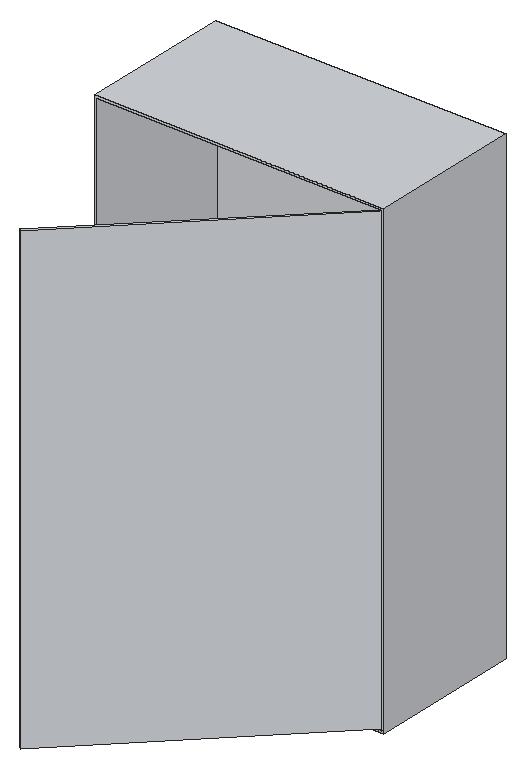
Revit family "Vector-IP65-empty-NoHosted-IT-en", category Electrical Equipment, Revit 2020
Family settings
  Panel Configuration = Two Columns, Circuits Across
  Round Connector Dimension = Use Diameter
  Part Type = Panelboard
  Work Plane-Based = Yes
  Always vertical = Yes
  Cut with Voids When Loaded = No
  Shared = No
  Room Calculation Point = No
Parameters (values of type "Surface mounted IP65 W400 H650 D210  Modular spacings - VP72G")
  Width Control [instance] = if([HG000006 - Flush mounted], if([EF000846 - Built-in width] > min_whd, [EF000846 - Built-in width], min_whd), if([EF000008 - Width] > min_whd, ([EF000008 - Width]), min_whd))  # 400 mm
  Void Depth [instance] = if([EF000218 - Built-in depth] > 1 mm, [EF000218 - Built-in depth], 1 mm)  # 210 mm
  Type Comments = [HG000003 - Range]  # "Vector"
  System Height [instance] = Height Control - 2 * [HG000005 - Thickness]  # 644 mm
  Panel Name [instance] = ""  # (empty or 0)
  Offset [instance] = 0 mm
  Model = [HG000004 - Manufacturer reference]  # "VP72G"
  Level Offset [instance] = [Flush Mounted - Door Frame Width] + Offset  # 0 mm
  HG000011 - Empty rows from bottom = no
  HG000005 - Thickness = 3 mm  # constant formula
  Description = ""
  Default Elevation = 1219.2 mm
  Arrow Offset [instance] = Depth Control / 8  # 26.25 mm
  Arrow Height [instance] = Depth Control - Arrow Offset  # 183.75 mm
  Host Offset [instance] = if([HG000006 - Flush mounted], 0 mm, [EF000049 - Depth])  # 210 mm
  min_whd [instance] = (2 * [HG000005 - Thickness]) + 1 mm  # 7 mm
  Manufacturer = "Hager"  # constant formula
  Height Control [instance] = if([HG000006 - Flush mounted], if([EF000332 - Built-in height] > min_whd, [EF000332 - Built-in height], min_whd), if([EF000040 - Height] > min_whd, ([EF000040 - Height]), min_whd))  # 650 mm
  HG000010 - Asymmetric doors = no
  HG000009 - Double swing door = no
  HG000008 - Number of empty rows = 0
  HG000007 - Number of empty columns = 0
  HG000006 - Flush mounted = no
  HG000004 - Manufacturer reference = "VP72G"
  HG000003 - Range = "Vector"
  HG000002 - With door or cover = yes
  HG000001 - Number of columns = 0
  Flush Mounted - Door Frame Width [instance] = if(([EF000040 - Height] - [EF000332 - Built-in height]) > 0 mm, if([HG000006 - Flush mounted], [EF000040 - Height] - [EF000332 - Built-in height], 0 mm), 0 mm)  # 0 mm
  EF015941 - Signal passing door = no
  EF015777 - Neutral terminal block = no
  EF015776 - Earthing terminal block = no
  EF009212 - Cover model = "EV000116 - Closed"
  EF006306 - With lock = no
  EF006244 - Transparent cover/door = no
  EF005474 - Degree of protection (IP) = "EV006421 - IP65"
  EF004462 - Type of closure = "EV000154 - Other"
  EF002950 - Width in number of modular spacings = 0
  EF001596 - Material housing = "EV000139 - Plastic"
  EF001134 - DIN-rail = no
  EF001131 - Internal depth = 210 mm
  EF001088 - Extension possible = no
  EF001062 - EMC-version = no
  EF000846 - Built-in width = 0 mm
  EF000339 - Type of cover = "EV004216 - Door"
  EF000332 - Built-in height = 0 mm
  EF000266 - Number of rows = 0
  EF000218 - Built-in depth = 210 mm
  EF000118 - With mounting plate = no
  EF000116 - RAL-number = "7035"
  EF000049 - Depth = 210 mm
  EF000040 - Height = 650 mm
  EF000008 - Width = 400 mm
  EF000007 - Colour = "EV000270 - Grey"
  EF000003 - Mounting method = "EV000384 - Surface mounted (plaster)"
  Door_Right [instance] = yes
  Door_Left [instance] = not(Door_Right)  # no
  Door Swing Angle [instance] = 45.00°
  Door 3d Visibility [instance] = yes
  Depth Control [instance] = if([HG000006 - Flush mounted], if([EF000218 - Built-in depth] > 0 mm, [EF000218 - Built-in depth], 1 mm), if([EF000049 - Depth] > 0 mm, ([EF000049 - Depth]), 1 mm))  # 210 mm
  Clearance Visibility [instance] = no
Types (4, lengths in mm): name | Width Control | Void Depth | System Height | Model | Arrow Offset | Arrow Height | Host Offset | Height Control | HG000004 - Manufacturer reference | EF001131 - Internal depth | EF000218 - Built-in depth | EF000118 - With mounting plate | EF000049 - Depth | EF000040 - Height | EF000008 - Width | Depth Control
  Surface mounted IP65 W250 H350 D160  Modular spacings - VP20G | 250 | 160 | 344 | "VP20G" | 20 | 140 | 160 | 350 | "VP20G" | 160 | 160 | yes | 160 | 350 | 250 | 160
  Surface mounted IP65 W300 H500 D160  Modular spacings - VP36G | 300 | 160 | 494 | "VP36G" | 20 | 140 | 160 | 500 | "VP36G" | 160 | 160 | no | 160 | 500 | 300 | 160
  Surface mounted IP65 W400 H500 D210  Modular spacings - VP54G | 400 | 210 | 494 | "VP54G" | 26.25 | 183.75 | 210 | 500 | "VP54G" | 210 | 210 | no | 210 | 500 | 400 | 210
  Surface mounted IP65 W400 H650 D210  Modular spacings - VP72G | 400 | 210 | 644 | "VP72G" | 26.25 | 183.75 | 210 | 650 | "VP72G" | 210 | 210 | no | 210 | 650 | 400 | 210
Reference planes
  plane 1 "Center (Front/Back)": y = 0
  plane 2: z = 0
  plane 3 "Center (Left/Right)": x = 0
  plane 4: y = 3
  plane 5: y = 0
  plane 6: y = 0
  plane 7: z = 0
  plane 8: x = -200
  plane 9: x = 200
  plane 10: x = 197
  plane 11: x = -197
  plane 12: z = 0
  plane 13: z = 3
  plane 14: y = -205
  plane 15: y = -210
  plane 16: y = -3
  plane 17: z = 647
  plane 18: z = 650
  plane 19: z = 325
  plane 20: x = 2000
  plane 21: x = 0
  plane 22: y = -2100
  plane 23: y = -100
Forms (mm)
  Extrusion 1, solid
    sketch origin (-208.679, -4572, 0) x (-1, 0, 0) y (0, -1, 0)
      loop
        line (-8.679, -4362) -> (-408.679, -4362) -> (-408.679, -4572) -> (-8.679, -4572) -> (-8.679, -4362)
    from 0 to 650 <- "Height Control"
  Extrusion 2, void
    sketch origin (-350.771, -210, 1219.2) x (1, 0, 0) y (0, 0, 1)
      loop
        line (153.771, -572.2) -> (153.771, -1216.2) -> (547.771, -1216.2) -> (547.771, -572.2) -> (153.771, -572.2)
    from 0 to -207
  Extrusion 3, solid, detail levels coarse
    sketch origin (-350.771, -210, 1219.2) x (-1, 0, 0) y (0, 0, 1)
      loop
        line (-153.771, -572.2) -> (-547.771, -572.2) -> (-547.771, -1216.2) -> (-153.771, -1216.2) -> (-153.771, -572.2)
    from 0 to 3 <- "HG000005 - Thickness"
Cuts and joins
  Extrusion 2 cuts Extrusion 1
Dimensions and locks
  "Flush Mounted - Door Frame Width": plane 1 "Center (Front/Back)" to plane 6
  "HG000005 - Thickness": plane 4 to plane 6
  "HG000005 - Thickness": plane 8 to plane 11
  "HG000005 - Thickness": plane 9 to plane 10
  equal spacing: plane 8, plane 3 "Center (Left/Right)", plane 9
  "Width Control": plane 8 to plane 9
  locked: plane 14 to plane 15 at 5
  "Host Offset": plane 1 "Center (Front/Back)" to plane 15
  "Depth Control": plane 5 to plane 15
  "HG000005 - Thickness": plane 5 to plane 16
  "HG000005 - Thickness": plane 13 to plane 12
  "Level Offset": plane 12 to level
  "HG000005 - Thickness": plane 18 to plane 17
  "Height Control": plane 18 to plane 12
  "Arrow Offset": plane 5 to nested 4
  equal spacing: plane 18, plane 19, plane 12
  locked: connector elem to plane 19
  locked: connector elem to plane 3 "Center (Left/Right)"
  locked: plane 3 "Center (Left/Right)" to plane 20 at 2000
  locked: plane 21 to plane 20 at 2000
  locked: plane 23 to plane 22 at 2000
  aligned and locked: nested 1 to plane 14
  aligned and locked: plane 3 "Center (Left/Right)" to nested 1
  aligned and locked: plane 3 "Center (Left/Right)" to nested 2
  aligned and locked: nested 2 to plane 15
  aligned and locked: plane 5 to Extrusion 1
  aligned and locked: Extrusion 3 sketch curve to plane 17
  aligned and locked: Extrusion 3 sketch curve to plane 11
  aligned and locked: plane 13 to Extrusion 3 sketch curve
  aligned and locked: Extrusion 3 sketch curve to plane 10
  aligned and locked: plane 13 to Extrusion 2 sketch curve
  aligned and locked: Extrusion 2 sketch curve to plane 10
  aligned and locked: Extrusion 2 sketch curve to plane 17
  aligned and locked: Extrusion 2 sketch curve to plane 11
  aligned and locked: plane 16 to Extrusion 2
  aligned and locked: plane 5 to Extrusion 1 sketch curve
  aligned and locked: plane 9 to Extrusion 1 sketch curve
  aligned and locked: plane 8 to Extrusion 1 sketch curve
  aligned and locked: plane 8 to nested 4
  aligned and locked: plane 8 to nested 3
  aligned and locked: nested 3 to plane 5
  aligned and locked: Extrusion 1 sketch curve to plane 15
  aligned and locked: Extrusion 2 to plane 15
Nested families
  nested 1: "Hager_Enclosure_System" at (0, -205, 3), No_Columns <- "HG000001 - Number of columns", Flush_Mounted <- "HG000006 - Flush mounted", Width <- "EF000008 - Width", Height <- "System Height", Width_Control <- "Width Control", Row_Module_Multiplicator <- "EF002950 - Width in number of modular spacings", Empty_Columns <- "HG000007 - Number of empty columns", No_Rows <- "EF000266 - Number of rows", Built-in_Width <- "EF000846 - Built-in width", Border <- "HG000005 - Thickness", Total_No_Empty_Rows <- "HG000008 - Number of empty rows", Depth <- "HG000005 - Thickness", Empty_Rows_From_Bottom <- "HG000011 - Empty rows from bottom", type "Hager_Enclosure_System", detail levels medium+fine
    with Width_Control 400 mm, Width 400 mm, Total_No_Rows 0, Total_No_Empty_Rows 0, Total_No_Columns 1, System_Width 394 mm, Rows_Column 0, Row_Module_Multiplicator 0, Panel_4 no, Panel_3 no, Panel_2 no, Panel_1 no, No_Rows 0, No_Panels_Ctrl 1, No_Columns 0, Hide_Columns yes, Height 644 mm, Flush_Mounted no, Empty_Rows_From_Bottom no, Empty_Rows_Column 0, Empty_Columns 0, Depth 3 mm, Column_Width 394 mm, Built-in_Width 0 mm, Border 3 mm
  nested 2: "Hager_Enclosure_Door" at (0, -210, 0), Double <- "HG000009 - Double swing door", Height_Ctrl <- "Height Control", Transparent <- "EF006244 - Transparent cover/door", Depth <- "EF000049 - Depth", Height <- "EF000040 - Height", Angle <- "Door Swing Angle", Door_Right <- "Door_Right", Assymetrical <- "HG000010 - Asymmetric doors", Flush_Mounted <- "HG000006 - Flush mounted", BuiltIn_Depth <- "EF000218 - Built-in depth", BuiltIn_Width <- "EF000846 - Built-in width", Door <- "HG000002 - With door or cover", Width_Ctrl <- "Width Control", 3d_Door <- "Door 3d Visibility", Width <- "EF000008 - Width", Border <- "HG000005 - Thickness", BuiltIn_Height <- "EF000332 - Built-in height", Clearance <- "Clearance Visibility", Door_Left <- "Door_Left", type "Hager_Enclosure_Door", detail levels medium+fine
    with min_wh 7 mm, Width_Ctrl 400 mm, Width 400 mm, Transparent no, Leaf_Width 391 mm, Leaf_Tolerance 1.5 mm, Leaf_Height 641 mm, Leaf_2_Width 391 mm, Leaf_2_Offset 195.5 mm, Leaf_1_Width 391 mm, Leaf_1_Offset 195.5 mm, Height_Ctrl 650 mm, Height 650 mm, Frame_Width_Ctrl 400 mm, Frame_Width 400 mm, Frame_Internal_Offset 0 mm, Frame_Height_Ctrl 650 mm, Frame_Height 650 mm, Frame_Depth_Ctrl 1 mm, Frame_Depth 0 mm, Flush_Mounted no, Double_Clearance_Ctrl no, Double no, Door_Right_Ctrl yes, Door_Right yes, Door_Left_Ctrl no, Door_Left no, Door yes, Depth 210 mm, Clearance_Depth 391 mm, Clearance_Ctrl no, Clearance no, BuiltIn_Width 0 mm, BuiltIn_Height 0 mm, BuiltIn_Depth 210 mm, Border 3 mm, Assymetrical no, Angle 45.00°, 3d_Door yes
  nested 3: "Hager_Enclosure_Symbol_Triangle" at (-200, 0, 0), Depth <- "Depth Control", Width <- "Width Control", type "Hager_Enclosure_Symbol_Triangle"
    with Width_Ctrl 400 mm, Width 400 mm, Depth_Ctrl 210 mm, Depth 210 mm
  nested 4: "Hager_Enclosure_Symbol_Arrow" at (-200, -26.25, 0), Height <- "Arrow Height", type "Hager_Enclosure_Symbol_Arrow"
    with Width_Inside 13.781 mm, Width 165.375 mm, Height_Ctrl 183.75 mm, Height 183.75 mm
Connectors
  electrical at (0, 0, 325)
    settings: on plane 5, index 1, voltage 0 V, apparent load 0 VA, apparent load phase1 0 VA, apparent load phase2 0 VA, apparent load phase3 0 VA, power factor 1, load classification "Other", number of poles 1, system type 30, power factor state 1, is connector primary yes, connector utility no, sub classification motor no, connector description ""
Definition of nested family "Hager_Enclosure_Door"
  Parameters (values of type "Hager_Enclosure_Door")
    min_wh [instance] = (2 * Border) + 1 mm  # 11 mm
    Width_Ctrl [instance] = 400 mm
    Width [instance] = 500 mm
    Transparent [instance] = yes
    Leaf_Width [instance] = if((Width_Ctrl - 2 * Border - 2 * Leaf_Tolerance) > 0 mm, (Width_Ctrl - 2 * Border - 2 * Leaf_Tolerance), min_wh)  # 387 mm
    Leaf_Tolerance [instance] = 1.5 mm  # constant formula
    Leaf_Height [instance] = if((Height_Ctrl - 2 * Border - 2 * Leaf_Tolerance) > 0 mm, (Height_Ctrl - 2 * Border - 2 * Leaf_Tolerance), min_wh)  # 387 mm
    Leaf_2_Width [instance] = if(and(and(Double, Assymetrical), Door_Left), (Leaf_Width / 3) - (Leaf_Tolerance / 2), if(and(and(Double, Assymetrical), Door_Right), (Leaf_Width / 3) * 2 - (Leaf_Tolerance / 2), if(and(Double, not(Assymetrical)), (Leaf_Width / 2) - Leaf_Tolerance, Leaf_Width)))  # 192 mm
    Leaf_2_Offset [instance] = if(and(Double, Assymetrical), Leaf_2_Width / 2, if(and(Double, not(Assymetrical)), Leaf_Width / 4, Leaf_Width / 2))  # 96.75 mm
    Leaf_1_Width [instance] = if(and(and(Double, Assymetrical), Door_Right), (Leaf_Width / 3) - (Leaf_Tolerance / 2), if(and(and(Double, Assymetrical), Door_Left), (Width / 3) * 2 - (Leaf_Tolerance / 2), if(and(Double, not(Assymetrical)), (Leaf_Width / 2) - Leaf_Tolerance, Leaf_Width)))  # 192 mm
    Leaf_1_Offset [instance] = if(and(Double, Assymetrical), Leaf_1_Width / 2, if(and(Double, not(Assymetrical)), Leaf_Width / 4, Leaf_Width / 2))  # 96.75 mm
    Height_Ctrl [instance] = 400 mm
    Height [instance] = 500 mm
    Frame_Width_Ctrl [instance] = if(Frame_Width > 0 mm, Frame_Width, 1 mm)  # 1 mm
    Frame_Width [instance] = Width - BuiltIn_Width  # 0 mm
    Frame_Internal_Offset [instance] = if(Flush_Mounted, Border, 0 mm)  # 0 mm
    Frame_Height_Ctrl [instance] = if(Frame_Height > 0 mm, Frame_Height, 1 mm)  # 1 mm
    Frame_Height [instance] = Height - BuiltIn_Height  # 0 mm
    Frame_Depth_Ctrl [instance] = if(Frame_Depth > 0 mm, Frame_Depth, 1 mm)  # 1 mm
    Frame_Depth [instance] = if(Depth - BuiltIn_Depth > 0 mm, if(Flush_Mounted, Depth - BuiltIn_Depth, 0 mm), 0 mm)  # 0 mm
    Flush_Mounted [instance] = no
    Double_Clearance_Ctrl [instance] = and(Double, Clearance)  # yes
    Double [instance] = yes
    Door_Right_Ctrl [instance] = and(or(Door_Right, Double), Door)  # yes
    Door_Right [instance] = yes
    Door_Left_Ctrl [instance] = and(or(Door_Left, Double), Door)  # yes
    Door_Left [instance] = no
    Door [instance] = yes
    Depth [instance] = 500 mm
    Default Elevation = 1219.2 mm
    Clearance_Material = none
    Clearance_Depth [instance] = if(Leaf_1_Width > Leaf_2_Width, Leaf_1_Width, Leaf_2_Width)  # 192 mm
    Clearance_Ctrl [instance] = and(not(Double), Clearance)  # no
    Clearance [instance] = yes
    BuiltIn_Width [instance] = 500 mm
    BuiltIn_Height [instance] = 500 mm
    BuiltIn_Depth [instance] = 500 mm
    Border [instance] = 5 mm
    Assymetrical [instance] = no
    Angle [instance] = 65.00°
    3d_Door [instance] = yes
  Reference planes
    plane 1 "Center (Front/Back)": y = 0
    plane 2 "Bottom": z = 0
    plane 3 "Center (Left/Right)": x = 0
    plane 4: z = 400
    plane 5: x = -200
    plane 6: x = 200
    plane 7: z = 395
    plane 8: x = -195
    plane 9: z = 5
    plane 10: x = 195
    plane 11: y = 0
    plane 12: z = 6.5
    plane 13: x = -387
    plane 14: y = -192
    plane 15: x = 387
    plane 16: x = -96.75
    plane 17: x = 96.75
    plane 18: x = -193.5
    plane 19: x = 193.5
    plane 20: z = 393.5
  Forms (mm)
    Extrusion 1, solid, visible <- "Flush_Mounted"
      sketch origin (0, 0, 0) x (1, 0, 0) y (0, 0, 1)
        loop
          line (200, 0) -> (200, 400) -> (-200, 400) -> (-200, 0) -> (200, 0)
        loop
          line (-201, 401) -> (-201, -1) -> (201, -1) -> (201, 401) -> (-201, 401)
      from 0 to 1 <- "Frame_Depth_Ctrl"
    Extrusion 2, solid, material <- "Clearance_Material", visible <- "Double_Clearance_Ctrl"
      sketch origin (1200, 0, 0) x (1, 0, 0) y (0, 0, -1)
        loop
          line (-1587, -393.5) -> (-813, -393.5) -> (-813, 0) -> (-1587, 0) -> (-1587, -393.5)
      from 0 to -192
  Dimensions and locks
    equal spacing: plane 5, plane 3 "Center (Left/Right)", plane 6
    "Width_Ctrl": plane 5 to plane 6
    "Border": plane 5 to plane 8
    "Border": plane 6 to plane 10
    "Border": plane 9 to level
    "Border": plane 4 to plane 7
    "Height_Ctrl": plane 4 to level
    "Leaf_Tolerance": plane 12 to plane 9
    "Frame_Depth": plane 11 to plane 1 "Center (Front/Back)"
    "Frame_Width_Ctrl": plane 5 to Extrusion 1 sketch curve
    "Frame_Width_Ctrl": plane 6 to Extrusion 1 sketch curve
    "Frame_Width_Ctrl": Extrusion 1 sketch curve to plane 4
    "Frame_Width_Ctrl": plane 2 "Bottom" to Extrusion 1 sketch curve
    "Leaf_1_Offset": plane 18 to plane 16
    "Leaf_2_Offset": plane 17 to plane 19
    "Leaf_1_Width": plane 13 to plane 8
    "Leaf_2_Width": plane 10 to plane 15
    "Clearance_Depth": plane 14 to plane 1 "Center (Front/Back)"
    "Leaf_Tolerance": plane 8 to plane 18
    "Leaf_Tolerance": plane 19 to plane 10
    "Leaf_Tolerance": plane 7 to plane 20
    "Frame_Internal_Offset": plane 5 to Extrusion 1 sketch curve
    "Frame_Internal_Offset": Extrusion 1 sketch curve to plane 2 "Bottom"
    "Frame_Internal_Offset": plane 6 to Extrusion 1 sketch curve
    "Frame_Internal_Offset": plane 4 to Extrusion 1 sketch curve
    aligned and locked: level to plane 2 "Bottom"
    aligned and locked: nested 1 to plane 16
    aligned and locked: nested 2 to plane 17
    aligned and locked: Extrusion 2 to plane 13
    aligned and locked: plane 15 to Extrusion 2
    aligned and locked: Extrusion 2 to plane 14
    aligned and locked: plane 12 to nested 1
    aligned and locked: nested 2 to plane 12
    aligned and locked: Extrusion 2 to plane 11
    aligned and locked: plane 20 to Extrusion 2
    aligned and locked: nested 2 to plane 11
    aligned and locked: nested 1 to plane 11
  Automatic sketch dimensions
    Extrusion 2 sketch curve to level = 0 mm
    plane 5 to Extrusion 2 sketch curve = 187 mm
    plane 6 to Extrusion 2 sketch curve = 187 mm
    Extrusion 2 sketch curve to plane 4 = 6.5 mm
  Nested families
    nested 1: "Hager_Enclosure_Door_Leaf" at (-96.75, 0, 6.5), Width <- "Leaf_1_Width", visible <- "Door_Left_Ctrl", Leaf_Height <- "Leaf_Height", Angle <- "Angle", Depth <- "Border", 3d_Door <- "3d_Door", Transparent <- "Transparent", Clearance Material <- "Clearance_Material", Clearance <- "Clearance_Ctrl", type "Hager_Enclosure_Door_Leaf"
      with Width 192 mm, Transparent_Door_Border 25 mm, Transparent_Ctrl yes, Transparent yes, Standard no, Leaf_Height 387 mm, Glass_Offset 1 mm, Depth 5 mm, Clearance Material none, Clearance no, Angle_Ctrl 65.00°, Angle 65.00°, 3d_Door yes
    nested 2: "Hager_Enclosure_Door_Leaf" at (96.75, 0, 6.5) x (-1, 0, 0) z (0, 0, 1), Width <- "Leaf_2_Width", visible <- "Door_Right_Ctrl", Leaf_Height <- "Leaf_Height", Angle <- "Angle", Depth <- "Border", 3d_Door <- "3d_Door", Transparent <- "Transparent", Clearance Material <- "Clearance_Material", Clearance <- "Clearance_Ctrl", type "Hager_Enclosure_Door_Leaf"
      with Width 192 mm, Transparent_Door_Border 25 mm, Transparent_Ctrl yes, Transparent yes, Standard no, Leaf_Height 387 mm, Glass_Offset 1 mm, Depth 5 mm, Clearance Material none, Clearance no, Angle_Ctrl 65.00°, Angle 65.00°, 3d_Door yes
  Definition of nested family "Hager_Enclosure_Door_Leaf"
    Parameters (values of type "Hager_Enclosure_Door_Leaf")
      Width [instance] = 200 mm
      Transparent_Door_Border [instance] = 25 mm  # constant formula
      Transparent_Ctrl [instance] = and(Transparent, [3d_Door])  # yes
      Transparent [instance] = yes
      Standard [instance] = and(not(Transparent), [3d_Door])  # no
      Leaf_Height [instance] = 500 mm
      Glass_Offset [instance] = if((Depth - 10 mm) / 2 > 0 mm, (Depth - 10 mm) / 2, 1 mm)  # 1 mm
      Glass_Material = none
      Depth [instance] = 3 mm
      Default Elevation = 0 mm
      Clearance Material [instance] = none
      Clearance [instance] = no
      Angle_Ctrl [instance] = if(Angle > 170.00°, 170.00°, Angle)  # 163.00°
      Angle [instance] = 163.00°
      3d_Door [instance] = yes
    Reference planes
      plane 1 "Center (Front/Back)": y = 0
      plane 2: z = 0
      plane 3 "Center (Left/Right)": x = 0
      plane 4: y = 200
      plane 5: x = -100
      plane 6: x = 100
      plane 7: x = -300
      plane 8: z = 500
      plane 9: z = 25
      plane 10: z = 475
      plane 11: x = 75
      plane 12: x = -75
    Forms (mm)
      Extrusion 1, solid, material <- "Clearance Material", visible <- "Clearance"
        sketch origin (0, 0, 0) x (1, 0, 0) y (0, 0, 1)
          loop
            line (-300, 500) -> (-300, 0) -> (100, 0) -> (100, 500) -> (-300, 500)
        from 0 to -200
      Extrusion 2, solid, visible <- "Standard", detail levels fine
        sketch origin (-100, 0, 0) x (-0.956305, 0.292372, 0) y (-0.292372, -0.956305, 0)
          loop
            line (0, -3) -> (200, -3) -> (200, 0) -> (0, 0) -> (0, -3)
        from 0 to 500 <- "Leaf_Height"
      Extrusion 3, solid, visible <- "Transparent_Ctrl", detail levels fine
        sketch origin (-100, 0, 0) x (-0.956305, 0.292372, 0) y (-0.292372, -0.956305, 0)
          loop
            line (0, -3) -> (200, -3) -> (200, 0) -> (0, 0) -> (0, -3)
        from 0 to 500 <- "Leaf_Height"
      Extrusion 4, void, detail levels fine
        sketch origin (-100, 0, 0) x (-0.292372, -0.956305, 0) y (-0.956305, 0.292372, 0)
          loop
            line (0, 25) -> (0, 175) -> (-3, 175) -> (-3, 25) -> (0, 25)
        from -475 to -25
      Extrusion 5, solid, material <- "Glass_Material", visible <- "Transparent_Ctrl", detail levels fine
        sketch origin (-100, 0, 0) x (-0.956305, 0.292372, 0) y (-0.292372, -0.956305, 0)
          loop
            line (25, -1) -> (25, -2) -> (175, -2) -> (175, -1) -> (25, -1)
        from 25 to 475
    Cuts and joins
      Extrusion 4 cuts Extrusion 3
    Lines and regions (mm)
      symbolic lines
        curve 1: line (100, 0, 0) -> (-300, 0, 0)
        curve 2: arc (100, 0, 0) -> (-100, 200, 0) -> (-300, 0, 0) r 200
        curve 4: line (-100, 0, 0) -> (-291.261, 58.474, 0)
      reference lines
        curve 3: line (-100, 0, 0) -> (-291.261, 58.474, 0)
      symbolic lines, detail levels medium+fine
        curve 5: line (-291.261, 58.474, 0) -> (-290.384, 61.343, 0)
        curve 6: line (-290.384, 61.343, 0) -> (-99.123, 2.869, 0)
        curve 7: line (-99.123, 2.869, 0) -> (-100, 0, 0)
      symbolic lines, detail levels fine
        curve 8: line (-100, 0, 500) -> (100, 0, 500)
        curve 9: line (-100, 0, 0) -> (-100, 0, 500)
        curve 10: line (100, 0, 0) -> (-100, 0, 0)
        curve 11: line (100, 0, 500) -> (100, 0, 0)
      symbolic lines, visible <- "Transparent_Ctrl", detail levels fine
        curve 12: line (-75, 0, 475) -> (75, 0, 475)
        curve 13: line (-75, 0, 25) -> (-75, 0, 475)
        curve 14: line (75, 0, 25) -> (-75, 0, 25)
        curve 15: line (75, 0, 475) -> (75, 0, 25)
    Dimensions and locks
      "Width": plane 1 "Center (Front/Back)" to plane 4
      equal spacing: plane 5, plane 3 "Center (Left/Right)", plane 6
      "Width": plane 5 to plane 6
      "Width": plane 7 to plane 5
      "Leaf_Height": plane 8 to level
      "Depth": curve 6 to curve 3
      "Width": curve 5 to curve 3
      "Width": curve 3 to curve 3
      "Transparent_Door_Border": Extrusion 4 sketch curve to curve 7
      "Transparent_Door_Border": Extrusion 4 sketch curve to curve 5
      "Transparent_Door_Border": plane 8 to plane 10
      "Transparent_Door_Border": plane 9 to level
      "Glass_Offset": Extrusion 5 sketch curve to curve 4
      "Glass_Offset": Extrusion 5 sketch curve to curve 6
      "Transparent_Door_Border": Extrusion 5 sketch curve to curve 5
      "Transparent_Door_Border": Extrusion 5 sketch curve to curve 7
      "Transparent_Door_Border": plane 12 to plane 5
      "Transparent_Door_Border": plane 6 to plane 11
      "Angle_Ctrl": angle plane 1 "Center (Front/Back)" to curve 3
      aligned and locked: level to plane 2
      aligned and locked: Extrusion 1 to curve 1
      aligned and locked: plane 6 to Extrusion 1
      aligned and locked: plane 1 "Center (Front/Back)" to Extrusion 1
      aligned and locked: plane 4 to Extrusion 1
      aligned and locked: plane 8 to Extrusion 1
      aligned and locked: curve 4 to curve 3
      aligned and locked: Extrusion 2 sketch curve to curve 7
      aligned and locked: Extrusion 2 sketch curve to curve 6
      aligned and locked: Extrusion 2 sketch curve to curve 5
      aligned and locked: Extrusion 2 sketch curve to curve 3
      aligned and locked: curve 7 to Extrusion 3 sketch curve
      aligned and locked: Extrusion 3 sketch curve to curve 4
      aligned and locked: Extrusion 3 sketch curve to curve 6
      aligned and locked: Extrusion 3 sketch curve to curve 5
      aligned and locked: curve 4 to Extrusion 4 sketch curve
      aligned and locked: curve 6 to Extrusion 4 sketch curve
      aligned and locked: Extrusion 4 to plane 9
      aligned and locked: Extrusion 4 to plane 10
      aligned and locked: Extrusion 5 to plane 9
      aligned and locked: Extrusion 5 to plane 10
      aligned and locked: curve 8 to plane 8
      aligned and locked: plane 5 to curve 9
      aligned and locked: plane 2 to curve 10
      aligned and locked: curve 11 to plane 6
      aligned and locked: plane 10 to curve 12
      aligned and locked: plane 12 to curve 13
      aligned and locked: plane 9 to curve 14
      aligned and locked: plane 11 to curve 15
    Automatic sketch dimensions
      plane 1 "Center (Front/Back)" to curve 2 = 0 mm
      curve 2 to plane 5 = 0 mm
      Extrusion 1 sketch curve to level = 0 mm
      Extrusion 1 sketch curve to plane 7 = 0 mm
      Extrusion 1 sketch curve to plane 6 = 0 mm
      Extrusion 1 sketch curve to plane 8 = 0 mm
      plane 1 "Center (Front/Back)" to curve 3 = 0 mm
      curve 3 to plane 5 = 0 mm
      curve 7 to curve 3 = 0 mm
Definition of nested family "Hager_Enclosure_Symbol_Triangle"
  Parameters (values of type "Hager_Enclosure_Symbol_Triangle")
    Width_Ctrl [instance] = if(Width > 1 mm, Width, 1 mm)  # 498 mm
    Width [instance] = 498 mm
    Depth_Ctrl [instance] = if(Depth > 1 mm, Depth, 1 mm)  # 72 mm
    Depth [instance] = 72 mm
  Reference planes
    plane 1 "Centre (avant/arrière)": y = 0
    plane 2: z = 0
    plane 3 "Centre (gauche/droite)": x = 0
  Lines and regions (mm)
    Filled region 1, type "Solid_Black", in view "Niveau de réf."
      outline origin (0, 0, 0) x (1, 0, 0) y (0, 1, 0)
        loop
          line (0, 0) -> (498, 0) -> (498, 72) -> (0, 0)
    reference lines, in view "Niveau de réf."
      curve 1: line (-206.153, 72, 0) -> (1083.258, 72, 0)
      curve 2: line (498, 405.456, 0) -> (498, -517.619, 0)
  Dimensions and locks
    "Depth_Ctrl": plane 1 "Centre (avant/arrière)" to curve 1
    "Width_Ctrl": plane 3 "Centre (gauche/droite)" to curve 2
    aligned and locked: curve 1 to Filled region 1 sketch curve
    aligned and locked: Filled region 1 sketch curve to plane 1 "Centre (avant/arrière)"
    aligned and locked: curve 2 to Filled region 1 sketch curve
    aligned and locked: plane 3 "Centre (gauche/droite)" to Filled region 1 sketch curve
    aligned and locked: plane 1 "Centre (avant/arrière)" to Filled region 1 sketch curve
  Automatic sketch dimensions
    curve 1 to plane 3 "Centre (gauche/droite)" = 206.153 mm
    curve 2 to curve 1 = 585.258 mm
    plane 1 "Centre (avant/arrière)" to curve 2 = 517.619 mm
    curve 2 to plane 1 "Centre (avant/arrière)" = 405.456 mm
Definition of nested family "Hager_Enclosure_Symbol_Arrow"
  Parameters (values of type "Hager_Enclosure_Symbol_Arrow")
    Width_Inside [instance] = if(Width / 12 > 2 mm, Width / 12, 2 mm)  # 4.987 mm
    Width [instance] = if(Height_Ctrl * 0.9 > 2 mm, Height_Ctrl * 0.9, 2 mm)  # 59.85 mm
    Height_Ctrl [instance] = if(Height > 2 mm, Height, 2 mm)  # 66.5 mm
    Height [instance] = 66.5 mm
  Reference planes
    plane 1 "Centre (avant/arrière)": y = 0
    plane 2: z = 0
    plane 3 "Centre (gauche/droite)": x = 0
    plane 4: x = 59.85
    plane 5: y = 28.263
    plane 6: y = 38.238
    plane 7: y = 66.5
    plane 8: x = 29.925
    plane 9: y = 33.25
  Lines and regions (mm)
    Filled region 1, type "Solid_Black", in view "Niveau de réf."
      outline origin (0, 0, 0) x (1, 0, 0) y (0, 1, 0)
        loop
          line (59.85, 66.5) -> (37.929, 52.827) -> (51.846, 41.935) -> (59.85, 66.5)
    detail lines, in view "Niveau de réf."
      curve 1: line (0, 0, 0) -> (29.925, 38.238, 0)
      curve 2: line (29.925, 38.238, 0) -> (29.925, 28.263, 0)
      curve 3: line (29.925, 28.263, 0) -> (59.85, 66.5, 0)
  Dimensions and locks
    "Width": plane 3 "Centre (gauche/droite)" to plane 4
    "Height_Ctrl": plane 7 to plane 1 "Centre (avant/arrière)"
    equal spacing: plane 3 "Centre (gauche/droite)", plane 8, plane 4
    equal spacing: plane 7, plane 9, plane 1 "Centre (avant/arrière)"
    equal spacing: plane 6, plane 9, plane 5
    "Width_Inside": plane 6 to plane 9
    equal spacing: curve 3, Filled region 1 sketch curve, Filled region 1 sketch curve
    angle Filled region 1 sketch curve to curve 3 = 20.00°
    angle curve 3 to Filled region 1 sketch curve = 20.00°
    locked: curve 3 to Filled region 1 sketch curve (angle 90.00°)
  Automatic sketch dimensions
    plane 1 "Centre (avant/arrière)" to curve 1 = 0 mm
    curve 1 to plane 3 "Centre (gauche/droite)" = 0 mm
    curve 2 to plane 6 = 0 mm
    curve 3 to plane 8 = 0 mm
    curve 3 to plane 4 = 0 mm
    curve 2 to plane 5 = 0 mm
    curve 3 to plane 7 = 0 mm
    Filled region 1 sketch curve to plane 4 = 0 mm
    Filled region 1 sketch curve to plane 7 = 0 mm
